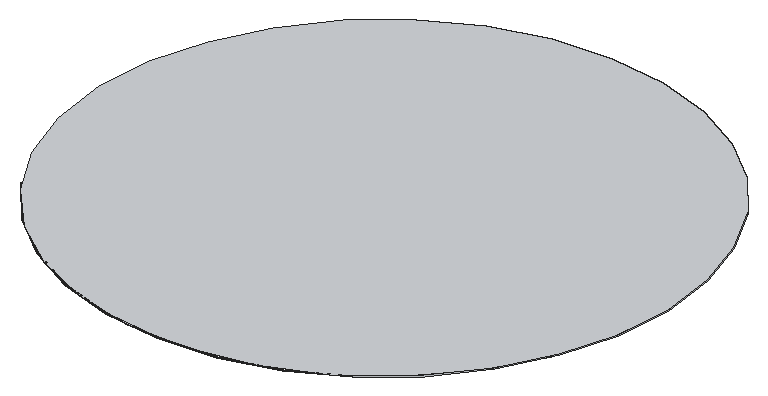
Revit family "Taza TZF NAO17", category Aparatos sanitarios, Revit 2016
Family settings
  Tipo de pieza = Normal
  Cota de conector redondo = Diámetro de uso
  Número OmniClass = 23.45.05.14.31
  Título OmniClass = Combination Toilets
  Se basa en plano de trabajo = Sí
  Siempre vertical = Sí
  Corte con vacíos al cargar = No
  Compartido = Sí
  Punto de cálculo de habitación = Sí
Parameters (values of type "TZF NAO17")
  URL = "http://www.helvex.com.mx/taza-tzf-nao17"
  Imagen de tipo = TZF NAO17.jpg
  Default Elevation = 4"
  Comentarios de tipo = "Ceramic"
  Total Width = 14.6"
  Total Length = 25.8"
  Total Height = 17"
  Modelo = "TZF NAO17"
  Min. Working Pressure = 14.22 psi
  Maximum Consumption = "1,26 gpf"
  Max. Working Pressure = 85.34 psi
  Fabricante = "HELVEX"
  Instructive = "http://www.helvex.com.mx/taza-tzf-nao17"
  Inlet Threads = "Feeding: 15/16\" - 14 NS - 1; Flush: Coupled With Sanitary Flange"
  High Gloss Ceramic = High Gloss Ceramic
  Features = "Sleek Ergonomic Design; Flat Base; Sturdy Built; Premium Quality High Gloss (A); Exposed Glazed Trapway; Siphon Action Jetted Bowl; Optimum Water Surface; Requires 1,26 gpf Flushvalve; Includes Setting Kit; Saves On Water Consumption; 17\" Comfortable Height"
  Descripción = "1,26 gpf Nao Flush Toilet With Exposed Trapway And Comfortable Height"
  Data Sheet = "http://www.helvex.com.mx/taza-tzf-nao17"
  Compliance = "NOM-009-CONAGUA-2001; ASME A112.19.2-2008; CSA B45.1-08"
  Certification = "http://www.helvex.com.mx/taza-tzf-nao17"
Types (2): name | Imagen de tipo | Default Elevation | Modelo | Instructive | Data Sheet | Certification
  TZF-17 | <Ninguno> | 48" | "TZF-17" | "http://www.helvex.com.mx/productos/instructivos/TZF-17.pdf" | "http://www.helvex.com.mx/productos/fichas/TZF-17.pdf" | "http://www.helvex.com.mx/productos/vistas/TZF-17.pdf"
  TZF NAO17 | TZF NAO17.jpg | 4" | "TZF NAO17" | "http://www.helvex.com.mx/taza-tzf-nao17" | "http://www.helvex.com.mx/taza-tzf-nao17" | "http://www.helvex.com.mx/taza-tzf-nao17"
Reference planes (in)
  plane 1 "Center (Front/Back)": y = 0
  plane 2: z = 0
  plane 3 "Center (Left/Right)": x = 0
  plane 4: y = -12.01
Forms (in)
  Extrusion 1, solid
    sketch origin (0, 0, 0) x (1, 0, 0) y (0, 1, 0)
      loop
        circle (2.59848, -5.79685) r 2
    from 0 to -0.00644
Dimensions and locks (in)
  locked: plane 4 to plane 1 "Center (Front/Back)" at 12.01  (x2)
  aligned and locked: level to plane 2
Connectors (in)
  piping at (2.59848, -5.79685, -0.00644), diameter 4, driven by "Default Elevation"
    settings: on Extrusion 1, index 1, connector inside diameter 609.6 mm, connector length 0", flow factor 0, pipe flow 0.0 GPM, pressure drop 0.0 psi, fitting loss kfactor 0, connector angle 0.00°, fixture units 0, engagement length 0", angle of deflection 0.00°, flow configuration 0, flow direction 2, fitting loss method 0, system type 16, joint type 0, gender type 0, connector reference index -1, connector utility 0, adjustable connector no, is connector primary yes, connector description ""
